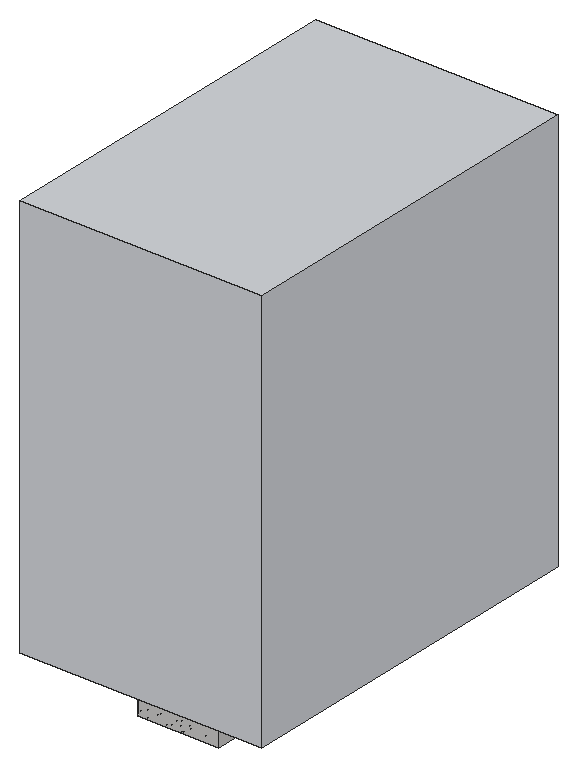
Revit family
Parameters
  Warranty Duration (Years) = 0
  Unit Width [instance] = 1' - 5 1/4"
  Unit Height [instance] = 4' - 8"
  Unit Depth = 0' - 0 1/4"
  URL = "http://www.americanspecialties.com/viewCategories.cfm"
  Trim Material = Metal - Stainless Steel
  Test Data = ""
  Specification = "http://www.arcat.com/sdspecs/htm/10810asi.htm"
  SpecWizard = ""
  Send Message = "http://www.arcat.com/users.pl?action=UserEmail&company=American%20Specialties,%20Inc.&coid=30448&rep=139&fax=914-476-0688&mf="
  Sales Information = "http://www.americanspecialties.com/contact"
  Revision = "R1_10-2010"
  Product Properties = "http://www.americanspecialties.com/datasheets/04692AC.pdf"
  Product Data = "http://www.arcat.com/arcatcos/cos30/arc30448.html"
  Model = "As Specified in 10 28 13"
  Manufacturer Website = "http://www.americanspecialties.com/viewCategories.cfm"
  Manufacturer Phone - Toll Free = ""
  Manufacturer Phone = "914-476-9000 "
  Manufacturer Fax = "914-476-0688"
  Manufacturer Address = "441 Saw Mill River Rd., Yonkers, NY 10701"
  Manufacturer = "American Specialties, Inc."
  Maintenance Schedule (Months) = 0
  Keynote = "10 28 13"
  Installation-Fabrication = "http://www.americanspecialties.com/products.cfm"
  Green Building-LEED = ""
  Expected Lifespan (Years) = 0
  Drawn By = "Robert S. Weygant. CSI, CDT, SCIP"  # constant formula
  Description = "Toilet Accessory as Specified in 10 28 13"
  Default Elevation = 4' - 0"
  Copyright = "©Arcat Inc."
  Construction Details = "http://www.arcat.com/green/clients/leed_data_30448.html"
  Building Codes = "http://www.americanspecialties.com/products.cfm"
  Body Material = Metal - Stainless Steel
  Assembly Code = "C1030210"
Reference planes (in)
  plane 1 "Center (Front/Back)": y = -0.29112
  plane 2 "Floor Line": z = 0
  plane 3 "Center (Left/Right)": x = -0.65843
Forms (in)
  Extrusion 1, solid
    sketch origin (-3, -9, -6) x (0, 0, -1) y (1, 0, 0)
      loop
        line (-82, 26) -> (-82, -19.34712) -> (-6, -19.34712) -> (-6, 26) -> (-82, 26)
    from 28.29112 to -41.06337
  Extrusion 2, solid, material "Metal - Stainless Steel" <- "Body Material"
    sketch origin (0, 0, 0) x (1, 0, 0) y (0, 1, 0)
      loop
        line (-8.28343, 26.70888) -> (-8.28343, -27.29112) -> (6.96657, -27.29112) -> (6.96657, 26.70888) -> (-8.28343, 26.70888)
    from 0 to -10
  Extrusion 3, solid, material "Metal - Stainless Steel" <- "Body Material"
    sketch origin (0, 7, 0) x (1, 0, 0) y (0, 1, 0)
      loop
        line (-5.68968, 6.70888) -> (-5.68968, 4.20888) -> (4.37282, 4.20888) -> (4.37282, 6.70888) -> (-5.68968, 6.70888)
      loop
        line (-5.43968, 4.70888) -> (4.12282, 4.70888) -> (4.12282, 6.45888) -> (-5.43968, 6.45888) -> (-5.43968, 4.70888)
    from 0 to -10
  Extrusion 4, solid, material "Metal - Stainless Steel" <- "Body Material"
    sketch origin (0, 0, 0) x (1, 0, 0) y (0, 1, 0)
      loop
        line (-9.28343, 27.70888) -> (-9.28343, -28.29112) -> (7.96657, -28.29112) -> (7.96657, 27.70888) -> (-9.28343, 27.70888)
      loop
        line (-8.28343, 26.70888) -> (-8.28343, -27.29112) -> (6.96657, -27.29112) -> (6.96657, 26.70888) -> (-8.28343, 26.70888)
    from 0 to 0.25
  Extrusion 5, solid, material "Metal - Stainless Steel" <- "Body Material"
    sketch origin (0, 0, 0) x (1, 0, 0) y (0, 1, 0)
      loop
        line (-8.28343, 26.70888) -> (-8.28343, 13.70888) -> (6.96657, 13.70888) -> (6.96657, 26.70888) -> (-8.28343, 26.70888)
    from 0 to 0.25
  Extrusion 6, solid, material "Metal - Stainless Steel" <- "Body Material"
    sketch origin (0, 0, 0) x (1, 0, 0) y (0, 1, 0)
      loop
        line (6.96657, -4.29112) -> (-8.28343, -4.29112) -> (-8.28343, -27.29112) -> (6.96657, -27.29112) -> (6.96657, -4.29112)
    from -10 to 1.75
  Extrusion 7, void
    sketch origin (-0.65843, 0, 0) x (0, 1, 0) y (0, 0, 1)
      loop
        line (13.70888, -9.75) -> (13.70888, 1.75) -> (-4.29112, 1.75) -> (-4.29112, -9.75) -> (13.70888, -9.75)
    from -7.61046 to 7.59319
  Extrusion 8, void
    sketch origin (-0.65843, 0, 0) x (0, 1, 0) y (0, 0, 1)
      loop
        line (-4.29112, -9.75) -> (-4.29112, 1.70127) -> (-27.24712, 1.70127) -> (-27.24712, -9.75) -> (-4.29112, -9.75)
    from -7.61046 to 7.59319
  Extrusion 9, void
    sketch origin (0, 0, 0) x (1, 0, 0) y (0, 1, 0)
      loop
        line (-8.28343, 26.70888) -> (-8.28343, -27.24712) -> (6.93476, -27.24712) -> (6.93476, 26.70888) -> (-8.28343, 26.70888)
    from 0 to -10
  Extrusion 10, solid, material "Metal - Stainless Steel" <- "Trim Material"
    sketch origin (-1.31687, 0, -0.6875) x (-1, 0, 0) y (0, -1, 0)
      loop
        circle (5.37282, -20.33388) r 0.5
      loop
        line (5.316, -19.91524) -> (5.316, -20.76475) -> (5.42963, -20.76475) -> (5.42963, -19.91524) -> (5.316, -19.91524)
    from 0.9375 to 1
  Extrusion 11, solid
    sketch origin (-1.94517, -0.95979, 0) x (1, 0, 0) y (0, 1, 0)
      loop
        circle (1.28674, -2.83132) r 0.5
      loop
        line (1.34355, -3.24996) -> (1.34355, -2.40046) -> (1.22992, -2.40046) -> (1.22992, -3.24996) -> (1.34355, -3.24996)
    from -10 to -9.75
Cuts and joins
  Extrusion 7, Extrusion 8 cuts Extrusion 2
  Extrusion 7, Extrusion 8 cuts Extrusion 4
  Extrusion 7 cuts Extrusion 5
  Extrusion 7, Extrusion 8 cuts Extrusion 6
Dimensions and locks (in)
  aligned and locked: Extrusion 1 to level
  aligned and locked: Extrusion 4 to Extrusion 5
  aligned and locked: Extrusion 5 to level
